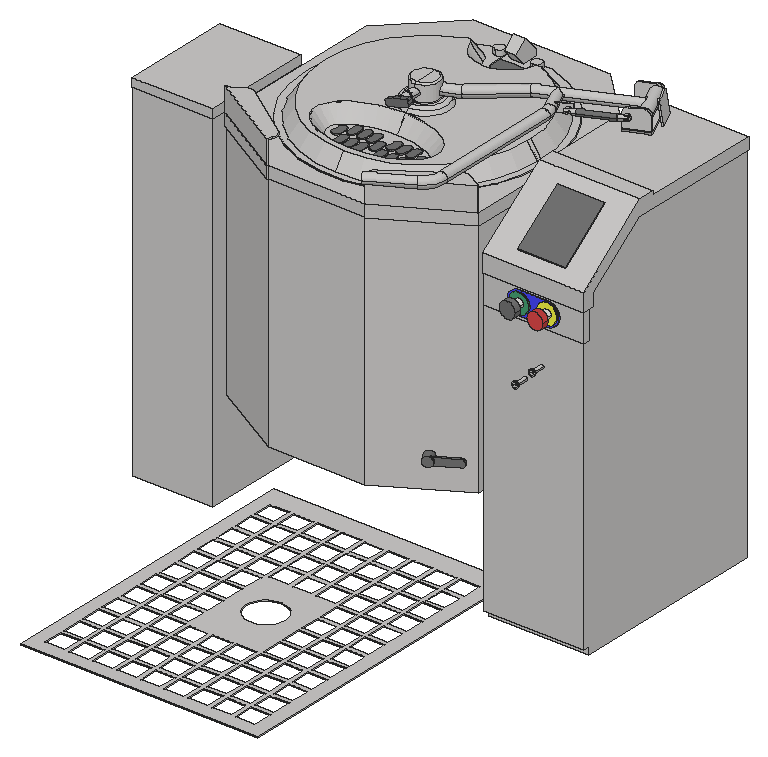
Revit family "QF_DIETATEC_CELER_60_180516035125", category Specialty Equipment, Revit 2015
Parameters
  Width [instance] = 1154 mm
  Weight in Pounds [instance] = 341.713
  Volts [instance] = 400 V
  URL Cutsheet [instance] = ""
  URL = "www.dietatec.com"
  Status [instance] = ""
  Specification by User [instance] = ""
  Specification by Manufacturer [instance] = ""
  Serial Number [instance] = "CELER_60"
  Seismic Rating [instance] = ""
  SMACNA No [instance] = ""
  Revision Code [instance] = ""
  Phase [instance] = 0
  Number of Poles [instance] = 3
  NAFEM Spec ID Number [instance] = ""
  Model = "57631"
  Min Ckt Ampacity [instance] = 0 A
  Max Overcurrent Protection [instance] = 0 A
  Masterspec [instance] = ""
  Manufacturer = "DIETATEC"
  ListPrice [instance] = 0
  Item Number [instance] = ""
  Installed By [instance] = ""
  Identify Quantity as Lot [instance] = yes
  Height [instance] = 1000 mm
  HP [instance] = ""
  Furnished By [instance] = ""
  Foodservice Equipment Identifier [instance] = yes
  FL Amps [instance] = 32 A
  Elec Conn RI Height [instance] = 0 mm
  Elec Conn Connection Height [instance] = 120 mm
  Description = "DIETA CELER 60 KETTLE, ELECTRIC MODEL"
  Depth [instance] = 770 mm
  Cycle [instance] = 50 Hz
  Conn Plug [instance] = ""
  Conn Conduit [instance] = yes
  CSI MasterFormat [instance] = ""
  Assembly Code = "E1090320"
  Apparent Power [instance] = 14500 VA
Reference planes
  plane 1 "Center (Front/Back)": y = 0
  plane 2: z = 0
  plane 3 "Center (Left/Right)": x = 0
Forms (mm)
  Extrusion 1, solid, not visible
    sketch origin (803.5, -97.5, 120) x (1, 0, 0) y (0, 1, 0)
      loop
        line (0, 0) -> (2, 0) -> (2, 2) -> (0, 2) -> (0, 0)
    from 0 to 2
Dimensions and locks
  aligned and locked: level to plane 2
Nested families
  nested 1: "QF_Dietatec_CELER_60_FL" at (0, 0, 0), type "57631_400_3"
    with Width 1154 mm, Status "", Specification by User "", Show Logo yes, Show Clearance yes, Revision Code "", Plumbing Remarks "", Plumbing Connection Type "", Number of Poles 3, ListPrice 0, Item Number "", Installed By "", Identify Quantity as Lot no, Height 1000 mm, Furnished By "", Foodservice Equipment Identifier yes, Electrical Remarks "", Electric Connection Type "", Elec Conn RI Height 0 mm, Elec Conn Connection Height 120 mm, Depth 770 mm, Conn Conduit no, Cold Water RI Height 120 mm, Cold Water Flow 0.0 L/s, Cold Water Consumption "", Cold Water Connection Height 120 mm
  nested 2: "QF_Dietatec_KETTLE_LEFT_LEG" at (0, 0, 0), type "KETTLE_LEFT_LEG"
    with Width 275 mm, Status "", Specification by User "", Show Logo yes, Show Clearance yes, Revision Code "", ListPrice 0, Item Number "", Installed By "", Identify Quantity as Lot no, Height 900 mm, Furnished By "", Foodservice Equipment Identifier yes, Depth 200 mm
Connectors
  electrical at (804.5, -95.5, 121), driven by "Volts"
    settings: on Extrusion 1, index 1, voltage 400 V, apparent load 14500 VA, apparent load phase1 0 VA, apparent load phase2 0 VA, apparent load phase3 0 VA, power factor 1, load classification "Other", number of poles 1, system type 30, power factor state 1, is connector primary yes, connector utility no, sub classification motor no, connector description "Electrical connection"
Definition of nested family "QF_Dietatec_CELER_60_FL"
  Parameters (values of type "57631_400_3")
    Width [instance] = 0 mm
    Weight in Pounds = 341.7161
    Watts = 14500 W
    Volts = 400 V
    URL Cutsheet = "www.dietatec.com"
    URL = "www.dietatec.com"
    Status [instance] = ""
    Specification by User [instance] = ""
    Specification by Manufacturer = ""
    Show Logo [instance] = yes
    Show Clearance [instance] = yes
    Serial Number = ""
    Seismic Rating = ""
    SMACNA No = ""
    Revision Code [instance] = ""
    Plumbing Remarks [instance] = ""
    Plumbing Connection Type [instance] = ""
    Phase = 3
    Number of Poles [instance] = 3
    NAFEM Spec ID Number = ""
    Model = "57631.000000000000"
    Min Ckt Ampacity = 0 A
    Max Overcurrent Protection = 0 A
    Masterspec = ""
    Manufacturer = "DIETATEC"
    ListPrice [instance] = 0
    Item Number [instance] = ""
    Installed By [instance] = ""
    Identify Quantity as Lot [instance] = no
    Height [instance] = 0 mm
    HP = "19.444790000000"
    Furnished By [instance] = ""
    Foodservice Equipment Identifier [instance] = yes
    FL Amps = 32 A
    Electrical Remarks [instance] = ""
    Electric Connection Type [instance] = ""
    Elec Conn RI Height [instance] = 0 mm
    Elec Conn Connection Height [instance] = 120 mm
    Description = "DIETA CELER 60 KETTLE, ELECTRIC MODEL"
    Depth [instance] = 0 mm
    Cycle = 50 Hz
    Conn Plug = ""
    Conn Conduit [instance] = no
    Cold Water Temperature Recommended = 0 °C
    Cold Water Size = 12.7 mm
    Cold Water RI Height [instance] = 120 mm
    Cold Water Minimum Pressure = 20000.0 Pa
    Cold Water Maximum Pressure = 50000.0 Pa
    Cold Water Flow [instance] = 0.0 L/s
    Cold Water Consumption [instance] = ""
    Cold Water Connection Height [instance] = 120 mm
    CSI MasterFormat = ""
    Assembly Code = "E1090320"
    Apparent Power = 14500 VA
  Reference planes
    plane 1 "Back": y = 0
    plane 2: z = 0
    plane 3 "Left": x = 0
    plane 4 "Right": x = 950.5
    plane 5 "Front": y = -769.992
    plane 6 "Top": z = 1000
  Forms (mm)
    Extrusion 1, solid
      sketch origin (1853.203, 903.185, 150) x (1, 0, 0) y (0, 1, 0)
        loop
          line (-1804.703, -1372.685) -> (-1804.703, -2172.685) -> (-1204.703, -2172.685) -> (-1204.703, -1372.685) -> (-1804.703, -1372.685)
        loop
          line (-1769.703, -1427.685) -> (-1769.703, -1477.685) -> (-1719.703, -1477.685) -> (-1719.703, -1427.685) -> (-1769.703, -1427.685)
        loop
          line (-1709.703, -1427.685) -> (-1709.703, -1477.685) -> (-1659.703, -1477.685) -> (-1659.703, -1427.685) -> (-1709.703, -1427.685)
        loop
          line (-1649.703, -1427.685) -> (-1649.703, -1477.685) -> (-1599.703, -1477.685) -> (-1599.703, -1427.685) -> (-1649.703, -1427.685)
        loop
          line (-1589.703, -1427.685) -> (-1589.703, -1477.685) -> (-1539.703, -1477.685) -> (-1539.703, -1427.685) -> (-1589.703, -1427.685)
        loop
          line (-1529.703, -1427.685) -> (-1529.703, -1477.685) -> (-1479.703, -1477.685) -> (-1479.703, -1427.685) -> (-1529.703, -1427.685)
        loop
          line (-1469.703, -1427.685) -> (-1469.703, -1477.685) -> (-1419.703, -1477.685) -> (-1419.703, -1427.685) -> (-1469.703, -1427.685)
        loop
          line (-1409.703, -1427.685) -> (-1409.703, -1477.685) -> (-1359.703, -1477.685) -> (-1359.703, -1427.685) -> (-1409.703, -1427.685)
        loop
          line (-1349.703, -1427.685) -> (-1349.703, -1477.685) -> (-1299.703, -1477.685) -> (-1299.703, -1427.685) -> (-1349.703, -1427.685)
        loop
          line (-1289.703, -1427.685) -> (-1289.703, -1477.685) -> (-1239.703, -1477.685) -> (-1239.703, -1427.685) -> (-1289.703, -1427.685)
        loop
          line (-1769.703, -1487.685) -> (-1769.703, -1537.685) -> (-1719.703, -1537.685) -> (-1719.703, -1487.685) -> (-1769.703, -1487.685)
        loop
          line (-1709.703, -1487.685) -> (-1709.703, -1537.685) -> (-1659.703, -1537.685) -> (-1659.703, -1487.685) -> (-1709.703, -1487.685)
        loop
          line (-1649.703, -1487.685) -> (-1649.703, -1537.685) -> (-1599.703, -1537.685) -> (-1599.703, -1487.685) -> (-1649.703, -1487.685)
        loop
          line (-1589.703, -1487.685) -> (-1589.703, -1537.685) -> (-1539.703, -1537.685) -> (-1539.703, -1487.685) -> (-1589.703, -1487.685)
        loop
          line (-1529.703, -1487.685) -> (-1529.703, -1537.685) -> (-1479.703, -1537.685) -> (-1479.703, -1487.685) -> (-1529.703, -1487.685)
        loop
          line (-1469.703, -1487.685) -> (-1469.703, -1537.685) -> (-1419.703, -1537.685) -> (-1419.703, -1487.685) -> (-1469.703, -1487.685)
        loop
          line (-1409.703, -1487.685) -> (-1409.703, -1537.685) -> (-1359.703, -1537.685) -> (-1359.703, -1487.685) -> (-1409.703, -1487.685)
        loop
          line (-1349.703, -1487.685) -> (-1349.703, -1537.685) -> (-1299.703, -1537.685) -> (-1299.703, -1487.685) -> (-1349.703, -1487.685)
        loop
          line (-1289.703, -1487.685) -> (-1289.703, -1537.685) -> (-1239.703, -1537.685) -> (-1239.703, -1487.685) -> (-1289.703, -1487.685)
        loop
          line (-1769.703, -1547.685) -> (-1769.703, -1597.685) -> (-1719.703, -1597.685) -> (-1719.703, -1547.685) -> (-1769.703, -1547.685)
        loop
          line (-1709.703, -1547.685) -> (-1709.703, -1597.685) -> (-1659.703, -1597.685) -> (-1659.703, -1547.685) -> (-1709.703, -1547.685)
        loop
          line (-1649.703, -1547.685) -> (-1649.703, -1597.685) -> (-1599.703, -1597.685) -> (-1599.703, -1547.685) -> (-1649.703, -1547.685)
        loop
          line (-1589.703, -1547.685) -> (-1589.703, -1597.685) -> (-1539.703, -1597.685) -> (-1539.703, -1547.685) -> (-1589.703, -1547.685)
        loop
          line (-1529.703, -1547.685) -> (-1529.703, -1597.685) -> (-1479.703, -1597.685) -> (-1479.703, -1547.685) -> (-1529.703, -1547.685)
        loop
          line (-1469.703, -1547.685) -> (-1469.703, -1597.685) -> (-1419.703, -1597.685) -> (-1419.703, -1547.685) -> (-1469.703, -1547.685)
        loop
          line (-1409.703, -1547.685) -> (-1409.703, -1597.685) -> (-1359.703, -1597.685) -> (-1359.703, -1547.685) -> (-1409.703, -1547.685)
        loop
          line (-1349.703, -1547.685) -> (-1349.703, -1597.685) -> (-1299.703, -1597.685) -> (-1299.703, -1547.685) -> (-1349.703, -1547.685)
        loop
          line (-1289.703, -1547.685) -> (-1289.703, -1597.685) -> (-1239.703, -1597.685) -> (-1239.703, -1547.685) -> (-1289.703, -1547.685)
        loop
          line (-1769.703, -1607.685) -> (-1769.703, -1657.685) -> (-1719.703, -1657.685) -> (-1719.703, -1607.685) -> (-1769.703, -1607.685)
        loop
          line (-1709.703, -1607.685) -> (-1709.703, -1657.685) -> (-1659.703, -1657.685) -> (-1659.703, -1607.685) -> (-1709.703, -1607.685)
        loop
          line (-1649.703, -1607.685) -> (-1649.703, -1657.685) -> (-1599.703, -1657.685) -> (-1599.703, -1607.685) -> (-1649.703, -1607.685)
        loop
          line (-1589.703, -1607.685) -> (-1589.703, -1657.685) -> (-1539.703, -1657.685) -> (-1539.703, -1607.685) -> (-1589.703, -1607.685)
        loop
          line (-1529.703, -1607.685) -> (-1529.703, -1657.685) -> (-1479.703, -1657.685) -> (-1479.703, -1607.685) -> (-1529.703, -1607.685)
        loop
          line (-1469.703, -1607.685) -> (-1469.703, -1657.685) -> (-1419.703, -1657.685) -> (-1419.703, -1607.685) -> (-1469.703, -1607.685)
        loop
          line (-1409.703, -1607.685) -> (-1409.703, -1657.685) -> (-1359.703, -1657.685) -> (-1359.703, -1607.685) -> (-1409.703, -1607.685)
        loop
          line (-1349.703, -1607.685) -> (-1349.703, -1657.685) -> (-1299.703, -1657.685) -> (-1299.703, -1607.685) -> (-1349.703, -1607.685)
        loop
          line (-1289.703, -1607.685) -> (-1289.703, -1657.685) -> (-1239.703, -1657.685) -> (-1239.703, -1607.685) -> (-1289.703, -1607.685)
        loop
          line (-1769.703, -1667.685) -> (-1769.703, -1717.685) -> (-1719.703, -1717.685) -> (-1719.703, -1667.685) -> (-1769.703, -1667.685)
        loop
          line (-1709.703, -1667.685) -> (-1709.703, -1717.685) -> (-1659.703, -1717.685) -> (-1659.703, -1667.685) -> (-1709.703, -1667.685)
        loop
          line (-1649.703, -1667.685) -> (-1649.703, -1717.685) -> (-1599.703, -1717.685) -> (-1599.703, -1667.685) -> (-1649.703, -1667.685)
        loop
          line (-1409.703, -1667.685) -> (-1409.703, -1717.685) -> (-1359.703, -1717.685) -> (-1359.703, -1667.685) -> (-1409.703, -1667.685)
        loop
          line (-1349.703, -1667.685) -> (-1349.703, -1717.685) -> (-1299.703, -1717.685) -> (-1299.703, -1667.685) -> (-1349.703, -1667.685)
        loop
          line (-1289.703, -1667.685) -> (-1289.703, -1717.685) -> (-1239.703, -1717.685) -> (-1239.703, -1667.685) -> (-1289.703, -1667.685)
        loop
          line (-1769.703, -1727.685) -> (-1769.703, -1777.685) -> (-1719.703, -1777.685) -> (-1719.703, -1727.685) -> (-1769.703, -1727.685)
        loop
          line (-1709.703, -1727.685) -> (-1709.703, -1777.685) -> (-1659.703, -1777.685) -> (-1659.703, -1727.685) -> (-1709.703, -1727.685)
        loop
          line (-1649.703, -1727.685) -> (-1649.703, -1777.685) -> (-1599.703, -1777.685) -> (-1599.703, -1727.685) -> (-1649.703, -1727.685)
        loop
          line (-1409.703, -1727.685) -> (-1409.703, -1777.685) -> (-1359.703, -1777.685) -> (-1359.703, -1727.685) -> (-1409.703, -1727.685)
        loop
          line (-1349.703, -1727.685) -> (-1349.703, -1777.685) -> (-1299.703, -1777.685) -> (-1299.703, -1727.685) -> (-1349.703, -1727.685)
        loop
          line (-1289.703, -1727.685) -> (-1289.703, -1777.685) -> (-1239.703, -1777.685) -> (-1239.703, -1727.685) -> (-1289.703, -1727.685)
        loop
          line (-1769.703, -1787.685) -> (-1769.703, -1837.685) -> (-1719.703, -1837.685) -> (-1719.703, -1787.685) -> (-1769.703, -1787.685)
        loop
          line (-1709.703, -1787.685) -> (-1709.703, -1837.685) -> (-1659.703, -1837.685) -> (-1659.703, -1787.685) -> (-1709.703, -1787.685)
        loop
          line (-1649.703, -1787.685) -> (-1649.703, -1837.685) -> (-1599.703, -1837.685) -> (-1599.703, -1787.685) -> (-1649.703, -1787.685)
        loop
          line (-1409.703, -1787.685) -> (-1409.703, -1837.685) -> (-1359.703, -1837.685) -> (-1359.703, -1787.685) -> (-1409.703, -1787.685)
        loop
          line (-1349.703, -1787.685) -> (-1349.703, -1837.685) -> (-1299.703, -1837.685) -> (-1299.703, -1787.685) -> (-1349.703, -1787.685)
        loop
          line (-1289.703, -1787.685) -> (-1289.703, -1837.685) -> (-1239.703, -1837.685) -> (-1239.703, -1787.685) -> (-1289.703, -1787.685)
        loop
          line (-1769.703, -1847.685) -> (-1769.703, -1897.685) -> (-1719.703, -1897.685) -> (-1719.703, -1847.685) -> (-1769.703, -1847.685)
        loop
          line (-1709.703, -1847.685) -> (-1709.703, -1897.685) -> (-1659.703, -1897.685) -> (-1659.703, -1847.685) -> (-1709.703, -1847.685)
        loop
          line (-1649.703, -1847.685) -> (-1649.703, -1897.685) -> (-1599.703, -1897.685) -> (-1599.703, -1847.685) -> (-1649.703, -1847.685)
        loop
          line (-1409.703, -1847.685) -> (-1409.703, -1897.685) -> (-1359.703, -1897.685) -> (-1359.703, -1847.685) -> (-1409.703, -1847.685)
        loop
          line (-1349.703, -1847.685) -> (-1349.703, -1897.685) -> (-1299.703, -1897.685) -> (-1299.703, -1847.685) -> (-1349.703, -1847.685)
        loop
          line (-1289.703, -1847.685) -> (-1289.703, -1897.685) -> (-1239.703, -1897.685) -> (-1239.703, -1847.685) -> (-1289.703, -1847.685)
        loop
          line (-1769.703, -1907.685) -> (-1769.703, -1957.685) -> (-1719.703, -1957.685) -> (-1719.703, -1907.685) -> (-1769.703, -1907.685)
        loop
          line (-1709.703, -1907.685) -> (-1709.703, -1957.685) -> (-1659.703, -1957.685) -> (-1659.703, -1907.685) -> (-1709.703, -1907.685)
        loop
          line (-1649.703, -1907.685) -> (-1649.703, -1957.685) -> (-1599.703, -1957.685) -> (-1599.703, -1907.685) -> (-1649.703, -1907.685)
        loop
          line (-1589.703, -1907.685) -> (-1589.703, -1957.685) -> (-1539.703, -1957.685) -> (-1539.703, -1907.685) -> (-1589.703, -1907.685)
        loop
          line (-1529.703, -1907.685) -> (-1529.703, -1957.685) -> (-1479.703, -1957.685) -> (-1479.703, -1907.685) -> (-1529.703, -1907.685)
        loop
          line (-1469.703, -1907.685) -> (-1469.703, -1957.685) -> (-1419.703, -1957.685) -> (-1419.703, -1907.685) -> (-1469.703, -1907.685)
        loop
          line (-1409.703, -1907.685) -> (-1409.703, -1957.685) -> (-1359.703, -1957.685) -> (-1359.703, -1907.685) -> (-1409.703, -1907.685)
        loop
          line (-1349.703, -1907.685) -> (-1349.703, -1957.685) -> (-1299.703, -1957.685) -> (-1299.703, -1907.685) -> (-1349.703, -1907.685)
        loop
          line (-1289.703, -1907.685) -> (-1289.703, -1957.685) -> (-1239.703, -1957.685) -> (-1239.703, -1907.685) -> (-1289.703, -1907.685)
        loop
          line (-1769.703, -1967.685) -> (-1769.703, -2017.685) -> (-1719.703, -2017.685) -> (-1719.703, -1967.685) -> (-1769.703, -1967.685)
        loop
          line (-1709.703, -1967.685) -> (-1709.703, -2017.685) -> (-1659.703, -2017.685) -> (-1659.703, -1967.685) -> (-1709.703, -1967.685)
        loop
          line (-1649.703, -1967.685) -> (-1649.703, -2017.685) -> (-1599.703, -2017.685) -> (-1599.703, -1967.685) -> (-1649.703, -1967.685)
        loop
          line (-1589.703, -1967.685) -> (-1589.703, -2017.685) -> (-1539.703, -2017.685) -> (-1539.703, -1967.685) -> (-1589.703, -1967.685)
        loop
          line (-1529.703, -1967.685) -> (-1529.703, -2017.685) -> (-1479.703, -2017.685) -> (-1479.703, -1967.685) -> (-1529.703, -1967.685)
        loop
          line (-1469.703, -1967.685) -> (-1469.703, -2017.685) -> (-1419.703, -2017.685) -> (-1419.703, -1967.685) -> (-1469.703, -1967.685)
        loop
          line (-1409.703, -1967.685) -> (-1409.703, -2017.685) -> (-1359.703, -2017.685) -> (-1359.703, -1967.685) -> (-1409.703, -1967.685)
        loop
          line (-1349.703, -1967.685) -> (-1349.703, -2017.685) -> (-1299.703, -2017.685) -> (-1299.703, -1967.685) -> (-1349.703, -1967.685)
        loop
          line (-1289.703, -1967.685) -> (-1289.703, -2017.685) -> (-1239.703, -2017.685) -> (-1239.703, -1967.685) -> (-1289.703, -1967.685)
        loop
          line (-1769.703, -2027.685) -> (-1769.703, -2077.685) -> (-1719.703, -2077.685) -> (-1719.703, -2027.685) -> (-1769.703, -2027.685)
        loop
          line (-1709.703, -2027.685) -> (-1709.703, -2077.685) -> (-1659.703, -2077.685) -> (-1659.703, -2027.685) -> (-1709.703, -2027.685)
        loop
          line (-1649.703, -2027.685) -> (-1649.703, -2077.685) -> (-1599.703, -2077.685) -> (-1599.703, -2027.685) -> (-1649.703, -2027.685)
        loop
          line (-1589.703, -2027.685) -> (-1589.703, -2077.685) -> (-1539.703, -2077.685) -> (-1539.703, -2027.685) -> (-1589.703, -2027.685)
        loop
          line (-1529.703, -2027.685) -> (-1529.703, -2077.685) -> (-1479.703, -2077.685) -> (-1479.703, -2027.685) -> (-1529.703, -2027.685)
        loop
          line (-1469.703, -2027.685) -> (-1469.703, -2077.685) -> (-1419.703, -2077.685) -> (-1419.703, -2027.685) -> (-1469.703, -2027.685)
        loop
          line (-1409.703, -2027.685) -> (-1409.703, -2077.685) -> (-1359.703, -2077.685) -> (-1359.703, -2027.685) -> (-1409.703, -2027.685)
        loop
          line (-1349.703, -2027.685) -> (-1349.703, -2077.685) -> (-1299.703, -2077.685) -> (-1299.703, -2027.685) -> (-1349.703, -2027.685)
        loop
          line (-1289.703, -2027.685) -> (-1289.703, -2077.685) -> (-1239.703, -2077.685) -> (-1239.703, -2027.685) -> (-1289.703, -2027.685)
        loop
          line (-1769.703, -2087.685) -> (-1769.703, -2137.685) -> (-1719.703, -2137.685) -> (-1719.703, -2087.685) -> (-1769.703, -2087.685)
        loop
          line (-1709.703, -2087.685) -> (-1709.703, -2137.685) -> (-1659.703, -2137.685) -> (-1659.703, -2087.685) -> (-1709.703, -2087.685)
        loop
          line (-1649.703, -2087.685) -> (-1649.703, -2137.685) -> (-1599.703, -2137.685) -> (-1599.703, -2087.685) -> (-1649.703, -2087.685)
        loop
          line (-1589.703, -2087.685) -> (-1589.703, -2137.685) -> (-1539.703, -2137.685) -> (-1539.703, -2087.685) -> (-1589.703, -2087.685)
        loop
          line (-1529.703, -2087.685) -> (-1529.703, -2137.685) -> (-1479.703, -2137.685) -> (-1479.703, -2087.685) -> (-1529.703, -2087.685)
        loop
          line (-1469.703, -2087.685) -> (-1469.703, -2137.685) -> (-1419.703, -2137.685) -> (-1419.703, -2087.685) -> (-1469.703, -2087.685)
        loop
          line (-1409.703, -2087.685) -> (-1409.703, -2137.685) -> (-1359.703, -2137.685) -> (-1359.703, -2087.685) -> (-1409.703, -2087.685)
        loop
          line (-1349.703, -2087.685) -> (-1349.703, -2137.685) -> (-1299.703, -2137.685) -> (-1299.703, -2087.685) -> (-1349.703, -2087.685)
        loop
          line (-1289.703, -2087.685) -> (-1289.703, -2137.685) -> (-1239.703, -2137.685) -> (-1239.703, -2087.685) -> (-1289.703, -2087.685)
        loop
          circle (-1504.703, -1772.685) r 50
      from -150 to -148
    Extrusion 2, solid
      sketch origin (-203, -1000, 0) x (0, 1, 0) y (0, 0, 1)
        loop
          line (899, 0) -> (899, 921.5) -> (555.633, 921.5) -> (410.5, 812.65) -> (410.5, 782.65) -> (397.5, 782.65) -> (397.5, 710.15) -> (382, 710.15) -> (382, 19) -> (397.5, 19) -> (397.5, 0) -> (899, 0)
      from 901 to 1152
    Extrusion 3, solid
      sketch origin (-203, 0, 0) x (0, 1, 0) y (0, 0, 1)
        loop
          line (-602.5, 782.65) -> (-618, 782.65) -> (-618, 710.15) -> (-602.5, 710.15) -> (-602.5, 782.65)
      from 901 to 1152
    Extrusion 4, solid
      sketch origin (48.5, -732.029, 6.15) x (1, 0, 0) y (0, 0, 1)
        loop
          circle (740, 741) r 10
      from -112.029 to -90
    Extrusion 5, solid
      sketch origin (48.5, -792.029, 6.15) x (1, 0, 0) y (0, 0, 1)
        loop
          circle (740, 741) r 20
      from -150 to -135
    Extrusion 6, solid
      sketch origin (48.5, -768, 6.15) x (1, 0, 0) y (0, 0, 1)
        loop
          circle (740, 741) r 25
      from -150 to -148
    Extrusion 7, solid
      sketch origin (118.5, -732.029, 6.15) x (1, 0, 0) y (0, 0, 1)
        loop
          circle (740, 741) r 10
      from -112.029 to -90
    Extrusion 8, solid
      sketch origin (118.5, -792.029, 6.15) x (1, 0, 0) y (0, 0, 1)
        loop
          circle (740, 741) r 20
      from -150 to -135
    Extrusion 9, solid
      sketch origin (118.5, -768, 6.15) x (1, 0, 0) y (0, 0, 1)
        loop
          circle (740, 741) r 25
      from -150 to -148
    Extrusion 10, solid
      sketch origin (130.5, -767, -53.35) x (1, 0, 0) y (0, 0, 1)
        loop
          arc (658, 830.5) -> (628, 800.5) -> (658, 770.5) r 30
          line (658, 770.5) -> (728, 770.5)
          arc (728, 770.5) -> (758, 800.5) -> (728, 830.5) r 30
          line (728, 830.5) -> (658, 830.5)
      from -150 to -148
    Extrusion 11, solid
      sketch origin (-203, 0, 0) x (0, 1, 0) y (0, 0, 1)
        loop
          line (-468.4, 941.6) -> (-593.2, 848) -> (-592, 846.4) -> (-467.2, 940) -> (-468.4, 941.6)
      from 966.5 to 1086.5
    Revolve 12, solid
      sketch origin (-203, 0, 580) x (1, 0, 0) y (0, 1, 0)
        loop
          line (1009.5, -618.013) -> (1005.5, -618.013) -> (1005.5, -651) -> (1012.485, -651)
          arc (1012.485, -651) -> (1012.849, -650.849) -> (1013, -650.485) r 0.515
          line (1013, -650.485) -> (1013, -648.5) -> (1009.5, -648.5) -> (1009.5, -618.013)
        axis (1005.5, -651) -> (1005.5, -618.013)
      angle from 0 to 360
    Revolve 13, solid
      sketch origin (-161, 0, 622) x (1, 0, 0) y (0, 1, 0)
        loop
          line (1009.5, -618.003) -> (1005.5, -618.003) -> (1005.5, -651) -> (1012.485, -651)
          arc (1012.485, -651) -> (1012.849, -650.849) -> (1013, -650.485) r 0.515
          line (1013, -650.485) -> (1013, -648.5) -> (1009.5, -648.5) -> (1009.5, -618.003)
        axis (1005.5, -651) -> (1005.5, -618.003)
      angle from 0 to 360
    Revolve 14, solid
      sketch origin (-203, -476, 0) x (1, 0, 0) y (0, 0, 1)
        loop
          line (204.5, 825) -> (201.5, 825) -> (201.5, 775) -> (233, 775) -> (233, 837.5) -> (232.15, 837.5) -> (232.15, 824.35)
          arc (232.15, 824.35) -> (230.796, 821.35) -> (227.65, 820.381) r 4
          line (227.65, 820.381) -> (227.65, 819.45) -> (213, 819.45) -> (213, 818.5) -> (204.5, 818.5) -> (204.5, 825)
        axis (233, 775) -> (201.5, 775)
      angle from 0 to 360
    Revolve 15, solid
      sketch origin (900, -476, 0) x (-1, 0, 0) y (0, 0, -1)
        loop
          line (204.5, -825) -> (204.5, -818.5) -> (213, -818.5) -> (213, -819.45) -> (227.65, -819.45) -> (227.65, -820.381)
          arc (227.65, -820.381) -> (230.796, -821.35) -> (232.15, -824.35) r 4
          line (232.15, -824.35) -> (232.15, -837.5) -> (233, -837.5) -> (233, -775) -> (201.5, -775) -> (201.5, -825) -> (204.5, -825)
        axis (233, -775) -> (201.5, -775)
      angle from 0 to 360
    Extrusion 16, solid
      sketch origin (-203, 0, 0) x (1, 0, 0) y (0, 1, 0)
        loop
          line (722.48, -3.3) -> (380.52, -3.3) -> (233.3, -150.52) -> (233.3, -596.343) -> (430.16, -710) -> (672.84, -710) -> (869.7, -596.343) -> (869.7, -150.52) -> (722.48, -3.3)
      from 263.772 to 870
    Extrusion 17, solid
      sketch origin (-203, 0, 27) x (1, 0, 0) y (0, 1, 0)
        loop
          line (430.16, -710) -> (672.84, -710) -> (674, -709.33) -> (675.65, -712.188) -> (873, -598.248) -> (873, -149.153) -> (723.847, 0) -> (379.153, 0) -> (230, -149.153) -> (230, -598.248) -> (427.35, -712.188) -> (429, -709.33) -> (430.16, -710)
      from 843 to 873
    Extrusion 18, solid
      sketch origin (-203, 0, 1020) x (1, 0, 0) y (0, 1, 0)
        loop
          line (674, -709.33) -> (675.65, -712.188) -> (870.593, -599.638) -> (868.943, -596.78) -> (674, -709.33)
        loop
          line (429, -709.33) -> (234.057, -596.78) -> (232.407, -599.638) -> (427.35, -712.188) -> (429, -709.33)
      from -120 to -59.435
    Extrusion 19, solid
      sketch origin (-203, 0, 1040) x (1, 0, 0) y (0, 1, 0)
        loop
          line (241.167, -594.601) -> (234.057, -596.78) -> (232.407, -599.638) -> (427.35, -712.188) -> (433.173, -702.102)
          arc (433.173, -702.102) -> (435.379, -687.773) -> (427.324, -675.719) r 20
          line (427.324, -675.719) -> (290.139, -579.661)
          arc (290.139, -579.661) -> (279.54, -576.063) -> (268.668, -578.723) r 20
          line (268.668, -578.723) -> (241.167, -594.601)
        loop
          line (861.833, -594.601) -> (834.332, -578.723)
          arc (834.332, -578.723) -> (823.46, -576.063) -> (812.861, -579.661) r 20
          line (812.861, -579.661) -> (675.676, -675.719)
          arc (675.676, -675.719) -> (667.621, -687.773) -> (669.827, -702.102) r 20
          line (669.827, -702.102) -> (675.65, -712.188) -> (870.593, -599.638) -> (868.943, -596.78) -> (861.833, -594.601)
      from -81.15 to -78.15
    Revolve 20, solid
      sketch origin (348.5, 0, 0) x (0, 1, 0) y (0, 0, 1)
        loop
          line (-366, 995.5) -> (-366, 937.455) -> (-307.025, 937.455) -> (-312.103, 946.25)
          arc (-312.103, 946.25) -> (-315.946, 950.093) -> (-321.196, 951.5) r 10.5
          line (-321.196, 951.5) -> (-331, 951.5) -> (-331, 953.5) -> (-332.5, 953.5) -> (-332.5, 992) -> (-336, 995.5) -> (-366, 995.5)
        axis (-366, 937.455) -> (-366, 995.5)
      angle from 0 to 360
    Extrusion 21, solid
      sketch origin (-203, 0, 879.5) x (1, 0, 0) y (0, 1, 0)
        loop
          arc (471.1, -61.974) -> (312.628, -169.506) -> (251.5, -351) r 300
          line (251.5, -351) -> (251.5, -366)
          arc (251.5, -366) -> (551.5, -666) -> (851.5, -366) r 300
          line (851.5, -366) -> (851.5, -351)
          arc (851.5, -351) -> (790.372, -169.506) -> (631.9, -61.974) r 300
          arc (631.9, -61.974) -> (625.262, -60.605) -> (618.5, -60.145) r 50
          line (618.5, -60.145) -> (599, -60.145)
          arc (599, -60.145) -> (590.161, -63.806) -> (586.5, -72.645) r 12.5
          arc (586.5, -72.645) -> (585.938, -92.703) -> (584.308, -112.702) r 376.25
          arc (584.308, -112.702) -> (551.5, -142.145) -> (518.692, -112.702) r 33
          arc (518.692, -112.702) -> (517.061, -92.687) -> (516.5, -72.613) r 376.25
          arc (516.5, -72.613) -> (512.828, -63.795) -> (504, -60.145) r 12.5
          line (504, -60.145) -> (484.5, -60.145)
          arc (484.5, -60.145) -> (477.738, -60.605) -> (471.1, -61.974) r 50
      from 20 to 22
    Blend 22, solid
      base sketch origin (-203, 0, 0) x (1, 0, 0) y (0, 1, 0)
        loop
          arc (445.186, -92.991) -> (316.303, -197.386) -> (267.817, -356) r 283.683
          line (267.817, -356) -> (267.817, -366)
          arc (267.817, -366) -> (350.906, -566.594) -> (551.5, -649.683) r 283.683
          line (551.5, -649.683) -> (551.5, -579.34)
          spline (551.5, -579.34) -> (518.804, -577.25) -> (488.336, -571.122) -> (462.172, -561.374) -> (442.096, -548.67) -> (429.476, -533.876) -> (425.171, -518) -> (429.476, -502.124) -> (442.096, -487.33) -> (462.172, -474.626) -> (488.336, -464.878) -> (518.804, -458.75) -> (551.5, -456.66)
          line (551.5, -456.66) -> (551.5, -157.317)
          arc (551.5, -157.317) -> (519.464, -146.743) -> (500.017, -119.177) r 53.817
          arc (500.017, -119.177) -> (478.368, -94.01) -> (445.186, -92.991) r 41.183
      top sketch origin (-203, 0, 0) x (1, 0, 0) y (0, 1, 0)
        loop
          arc (455.212, -117.796) -> (338.484, -212.345) -> (294.571, -356) r 256.929
          line (294.571, -356) -> (294.571, -366)
          arc (294.571, -366) -> (369.824, -547.676) -> (551.5, -622.929) r 256.929
          line (551.5, -622.929) -> (551.5, -608)
          spline (551.5, -608) -> (511.332, -604.933) -> (473.902, -595.942) -> (441.759, -581.64) -> (417.096, -563) -> (401.592, -541.294) -> (396.303, -518) -> (401.592, -494.706) -> (417.096, -473) -> (441.759, -454.36) -> (473.902, -440.058) -> (511.332, -431.067) -> (551.5, -428)
          line (551.5, -428) -> (551.5, -184.071)
          arc (551.5, -184.071) -> (503.538, -168.24) -> (474.423, -126.97) r 80.571
          arc (474.423, -126.97) -> (466.838, -118.153) -> (455.212, -117.796) r 14.429
      from 901.5 to 937.63
    Extrusion 23, solid
      sketch origin (-203, 0, 0) x (0, 1, 0) y (0, 0, 1)
        loop
          line (-37.248, 900) -> (-37.248, 917.876) -> (-67.284, 953.672) -> (-97.926, 927.96) -> (-74.464, 900) -> (-37.248, 900)
      from 536.5 to 566.5
    Extrusion 24, solid
      sketch origin (-203, -420, 0) x (1, 0, 0) y (0, 0, 1)
        loop
          arc (524.133, 972.678) -> (522.051, 970.677) -> (521.857, 967.795) r 4.004
          line (521.857, 967.795) -> (523.853, 961.376)
          arc (523.853, 961.376) -> (525.646, 959.116) -> (528.494, 958.65) r 4
          line (528.494, 958.65) -> (545.58, 962.233) -> (562.767, 967.58) -> (578.87, 974.324)
          arc (578.87, 974.324) -> (580.95, 976.323) -> (581.145, 979.201) r 4
          line (581.145, 979.201) -> (579.147, 985.624)
          arc (579.147, 985.624) -> (577.354, 987.884) -> (574.506, 988.35) r 4
          line (574.506, 988.35) -> (557.42, 984.767) -> (540.233, 979.42) -> (524.133, 972.678)
      from 23.355 to 35.355
    Revolve 25, solid
      sketch origin (-203, 0, 973.5) x (1, 0, 0) y (0, 1, 0)
        loop
          line (541.5, -394.5) -> (541.5, -418.855) -> (542.908, -418.855) -> (542.908, -421.355) -> (547, -421.355) -> (547, -423.355) -> (542.5, -423.355) -> (542.5, -443.355) -> (551.5, -443.355) -> (551.5, -394.5) -> (541.5, -394.5)
        axis (551.5, -443.355) -> (551.5, -394.5)
      angle from 0 to 360
    Sweep 26, solid
      path origin (-203, 0, 991.467) x (1, 0, 0) y (0, 1, 0)
        loop
          line (713.848, -769.992) -> (810.092, -714.426)
          arc (810.092, -714.426) -> (832.969, -691.549) -> (841.342, -660.299) r 62.5
          line (841.342, -660.299) -> (841.342, -336.028)
          arc (841.342, -336.028) -> (839.861, -322.501) -> (835.486, -309.615) r 62.5
          line (835.486, -309.615) -> (806.642, -247.757)
      profile origin (638.342, -498.164, 991.467) x (-1, 0, 0) y (0, 0, 1)
        loop
          circle (12.5, 0) r 12.5
    Sweep 27, solid
      path origin (-142.68, -595.041, 0) x (0.906308, 0.422618, 0) y (0, 0, 1)
        loop
          line (564.254, 957.5) -> (619.254, 957.5) -> (759.731, 979) -> (989.731, 979)
      profile origin (393.631, -344.955, 957.5) x (0, 0, 1) y (0.422618, -0.906308, 0)
        loop
          circle (12.5, 0) r 12.5
    Extrusion 28, solid
      sketch origin (386.171, -935.322, 39.076) x (0.866025, 0.5, 0) y (0, 0, 1)
        loop
          circle (315, 303) r 12
      from -150 to -125
    Extrusion 29, solid
      sketch origin (395.171, -950.91, 39.076) x (0.866025, 0.5, 0) y (0, 0, 1)
        loop
          line (321.633, 293) -> (381, 293)
          arc (381, 293) -> (391, 303) -> (381, 313) r 10
          line (381, 313) -> (321.633, 313)
          arc (321.633, 313) -> (327, 303) -> (321.633, 293) r 12
      from -150 to -145
    Extrusion 30, solid
      sketch origin (-203, 0, 950) x (1, 0, 0) y (0, 1, 0)
        loop
          line (858.004, -281.002) -> (817.22, -300.02) -> (818.488, -302.739) -> (859.272, -283.721) -> (858.004, -281.002)
      from 30 to 53
    Revolve 31, solid
      sketch origin (-203, 0, 991.5) x (1, 0, 0) y (0, 1, 0)
        loop
          line (870.848, -285.378) -> (847.634, -296.204)
          arc (847.634, -296.204) -> (847.606, -298.584) -> (848.28, -300.868) r 8
          line (848.28, -300.868) -> (872.75, -289.457) -> (870.848, -285.378)
        loop
          line (944.709, -250.937) -> (946.611, -255.015) -> (971.081, -243.604)
          arc (971.081, -243.604) -> (969.765, -241.62) -> (967.924, -240.112) r 8
          line (967.924, -240.112) -> (944.709, -250.937)
        axis (848.28, -300.868) -> (971.081, -243.604)
      angle from 0 to 360
    Revolve 32, solid
      sketch origin (-203, 0, 991.5) x (1, 0, 0) y (0, 1, 0)
        loop
          line (872.524, -289.563) -> (946.841, -254.908) -> (943.671, -248.111) -> (869.354, -282.765) -> (872.524, -289.563)
        axis (872.524, -289.563) -> (946.841, -254.908)
      angle from 0 to 360
    Revolve 33, solid
      sketch origin (-203, 0, 991.83) x (1, 0, 0) y (0, 1, 0)
        loop
          line (856.34, -305.494) -> (858.742, -304.375) -> (845.326, -275.604) -> (843.514, -276.449) -> (843.03, -277.778) -> (848.207, -288.881) -> (846.394, -289.726) -> (847.602, -292.316)
          arc (847.602, -292.316) -> (848.524, -291.928) -> (849.43, -291.504) r 25
          line (849.43, -291.504) -> (851.438, -294.982) -> (856.34, -305.494)
        axis (845.326, -275.604) -> (858.742, -304.375)
      angle from 0 to 360
    Revolve 34, solid
      sketch origin (1082.87, 599.611, 991.83) x (-0.642788, -0.766044, 0) y (0.766044, -0.642788, 0)
        loop
          line (856.34, 305.494) -> (851.438, 294.982) -> (849.43, 291.504)
          arc (849.43, 291.504) -> (848.524, 291.928) -> (847.602, 292.316) r 25
          line (847.602, 292.316) -> (846.394, 289.726) -> (848.207, 288.881) -> (843.03, 277.778) -> (843.514, 276.449) -> (845.326, 275.604) -> (858.742, 304.375) -> (856.34, 305.494)
        axis (845.326, 275.604) -> (858.742, 304.375)
      angle from 0 to 360
    Extrusion 35, solid
      sketch origin (-723.621, -648.922, 0) x (0.906308, 0.422618, 0) y (0, 0, 1)
        loop
          arc (1518.24, 1010.5) -> (1507.633, 1006.107) -> (1503.24, 995.5) r 15
          line (1503.24, 995.5) -> (1503.24, 961.15) -> (1563.24, 961.15) -> (1563.24, 995.5)
          arc (1563.24, 995.5) -> (1558.846, 1006.107) -> (1548.24, 1010.5) r 15
          line (1548.24, 1010.5) -> (1518.24, 1010.5)
      from 141.433 to 145.433
    Extrusion 36, solid
      sketch origin (-678.612, -745.444, 0) x (0.906308, 0.422618, 0) y (0, 0, 1)
        loop
          arc (1518.24, 1010.5) -> (1507.633, 1006.107) -> (1503.24, 995.5) r 15
          line (1503.24, 995.5) -> (1503.24, 961.15) -> (1563.24, 961.15) -> (1563.24, 995.5)
          arc (1563.24, 995.5) -> (1558.846, 1006.107) -> (1548.24, 1010.5) r 15
          line (1548.24, 1010.5) -> (1518.24, 1010.5)
      from 141.433 to 145.433
    Extrusion 37, solid
      sketch origin (-133.615, -590.593, 0) x (0.906308, 0.422618, 0) y (0, 0, 1)
        loop
          circle (988.861, 991.5) r 15
      from -51.05 to 51.45
    Extrusion 38, solid
      sketch origin (-203, 0, 898.3) x (1, 0, 0) y (0, 1, 0)
        loop
          arc (586.069, -90.158) -> (551.5, -88) -> (516.931, -90.158) r 278
          arc (516.931, -90.158) -> (517.642, -101.443) -> (518.692, -112.702) r 376.25
          arc (518.692, -112.702) -> (551.5, -142.145) -> (584.308, -112.702) r 33
          arc (584.308, -112.702) -> (585.358, -101.443) -> (586.069, -90.158) r 376.25
      from 0 to 2
    Extrusion 39, solid
      sketch origin (251.619, 1234.156, 0) x (0.422618, -0.906308, 0) y (0, 0, 1)
        loop
          line (1435.928, 961.15) -> (1435.928, 959.475)
          arc (1435.928, 959.475) -> (1438.263, 953.836) -> (1443.902, 951.5) r 7.975
          line (1443.902, 951.5) -> (1538.453, 951.5)
          arc (1538.453, 951.5) -> (1544.092, 953.836) -> (1546.428, 959.475) r 7.975
          line (1546.428, 959.475) -> (1546.428, 961.15) -> (1542.428, 961.15) -> (1542.428, 959.475)
          arc (1542.428, 959.475) -> (1541.263, 956.664) -> (1538.453, 955.5) r 3.975
          line (1538.453, 955.5) -> (1443.902, 955.5)
          arc (1443.902, 955.5) -> (1441.092, 956.664) -> (1439.928, 959.475) r 3.975
          line (1439.928, 959.475) -> (1439.928, 961.15) -> (1435.928, 961.15)
      from 116.451 to 176.451
    Extrusion 40, solid
      sketch origin (506.129, 845.214, 13.851) x (0.421008, -0.907057, 0) y (-0.153433, -0.071216, 0.985589)
        loop
          line (1006.415, 961.15) -> (1056.415, 961.15) -> (1056.415, 1013.467)
          arc (1056.415, 1013.467) -> (1054.95, 1017.002) -> (1051.415, 1018.467) r 5
          arc (1051.415, 1018.467) -> (1031.415, 1014.603) -> (1011.415, 1018.467) r 53.69
          arc (1011.415, 1018.467) -> (1007.879, 1017.002) -> (1006.415, 1013.467) r 5
          line (1006.415, 1013.467) -> (1006.415, 961.15)
      from 0 to 4
    Extrusion 41, solid, visible <- "Show Clearance", detail levels coarse
      sketch origin (167, 44, 0) x (1, 0, 0) y (0, 1, 0)
        loop
          line (-370, -44) -> (783.5, -44) -> (783.5, 236.46) -> (-370, 236.46) -> (-370, -44)
      from 0 to 1013
    Extrusion 42, solid
      sketch origin (-56.5, -247.5, -68) x (1, 0, 0) y (0, 0, 1)
        loop
          circle (930, 278) r 15
      from -150 to -146.5
    Extrusion 43, solid
      sketch origin (-56.5, -247.5, -158) x (1, 0, 0) y (0, 0, 1)
        loop
          circle (930, 278) r 15
      from -150 to -146.5
    Extrusion 44, solid
      sketch origin (-126.5, -247.5, -158) x (1, 0, 0) y (0, 0, 1)
        loop
          circle (930, 278) r 15
      from -150 to -146.5
    Extrusion 45, solid
      sketch origin (-56.5, -247.5, -113) x (1, 0, 0) y (0, 0, 1)
        loop
          circle (930, 278) r 15
      from -150 to -146.5
    Extrusion 46, solid, visible <- "Show Clearance", detail levels coarse
      sketch origin (-1701.691, -1163.635, 0) x (0.906308, 0.422618, 0) y (0, 0, 1)
        loop
          arc (2655.064, 1697.495) -> (2117.759, 1474.936) -> (1895.2, 937.63) r 759.865
          line (1895.2, 937.63) -> (2655.064, 937.63) -> (2655.064, 1697.495)
      from -156.455 to 443.545
    Blend 47, solid
      base sketch origin (900, 0, 0) x (-1, 0, 0) y (0, -1, 0)
        loop
          arc (445.186, 92.991) -> (478.368, 94.01) -> (500.017, 119.177) r 41.183
          arc (500.017, 119.177) -> (519.464, 146.743) -> (551.5, 157.317) r 53.817
          line (551.5, 157.317) -> (551.5, 456.66)
          spline (551.5, 456.66) -> (518.804, 458.75) -> (488.336, 464.878) -> (462.172, 474.626) -> (442.096, 487.33) -> (429.476, 502.124) -> (425.171, 518) -> (429.476, 533.876) -> (442.096, 548.67) -> (462.172, 561.374) -> (488.336, 571.122) -> (518.804, 577.25) -> (551.5, 579.34)
          line (551.5, 579.34) -> (551.5, 649.683)
          arc (551.5, 649.683) -> (350.906, 566.594) -> (267.817, 366) r 283.683
          line (267.817, 366) -> (267.817, 356)
          arc (267.817, 356) -> (316.303, 197.386) -> (445.186, 92.991) r 283.683
      top sketch origin (900, 0, 0) x (-1, 0, 0) y (0, -1, 0)
        loop
          arc (455.212, 117.796) -> (466.838, 118.153) -> (474.423, 126.97) r 14.429
          arc (474.423, 126.97) -> (503.538, 168.24) -> (551.5, 184.071) r 80.571
          line (551.5, 184.071) -> (551.5, 428)
          spline (551.5, 428) -> (511.332, 431.067) -> (473.902, 440.058) -> (441.759, 454.36) -> (417.096, 473) -> (401.592, 494.706) -> (396.303, 518) -> (401.592, 541.294) -> (417.096, 563) -> (441.759, 581.64) -> (473.902, 595.942) -> (511.332, 604.933) -> (551.5, 608)
          line (551.5, 608) -> (551.5, 622.929)
          arc (551.5, 622.929) -> (369.824, 547.676) -> (294.571, 366) r 256.929
          line (294.571, 366) -> (294.571, 356)
          arc (294.571, 356) -> (338.484, 212.345) -> (455.212, 117.796) r 256.929
      from 901.5 to 937.63
    Extrusion 48, solid
      sketch origin (-203, 0, 900) x (1, 0, 0) y (0, 1, 0)
        loop
          line (441.5, -503) -> (441.5, -523)
          arc (441.5, -523) -> (451.5, -533) -> (461.5, -523) r 10
          line (461.5, -523) -> (461.5, -503)
          arc (461.5, -503) -> (451.5, -493) -> (441.5, -503) r 10
        loop
          arc (466.5, -505.5) -> (476.5, -515.5) -> (486.5, -505.5) r 10
          line (486.5, -505.5) -> (486.5, -485.5)
          arc (486.5, -485.5) -> (476.5, -475.5) -> (466.5, -485.5) r 10
          line (466.5, -485.5) -> (466.5, -505.5)
        loop
          arc (486.5, -530.5) -> (476.5, -520.5) -> (466.5, -530.5) r 10
          line (466.5, -530.5) -> (466.5, -550.5)
          arc (466.5, -550.5) -> (476.5, -560.5) -> (486.5, -550.5) r 10
          line (486.5, -550.5) -> (486.5, -530.5)
        loop
          arc (491.5, -505.5) -> (501.5, -515.5) -> (511.5, -505.5) r 10
          line (511.5, -505.5) -> (511.5, -485.5)
          arc (511.5, -485.5) -> (501.5, -475.5) -> (491.5, -485.5) r 10
          line (491.5, -485.5) -> (491.5, -505.5)
        loop
          line (511.5, -550.5) -> (511.5, -530.5)
          arc (511.5, -530.5) -> (501.5, -520.5) -> (491.5, -530.5) r 10
          line (491.5, -530.5) -> (491.5, -550.5)
          arc (491.5, -550.5) -> (501.5, -560.5) -> (511.5, -550.5) r 10
        loop
          arc (516.5, -550.5) -> (526.5, -560.5) -> (536.5, -550.5) r 10
          line (536.5, -550.5) -> (536.5, -530.5)
          arc (536.5, -530.5) -> (526.5, -520.5) -> (516.5, -530.5) r 10
          line (516.5, -530.5) -> (516.5, -550.5)
        loop
          arc (516.5, -505.5) -> (526.5, -515.5) -> (536.5, -505.5) r 10
          line (536.5, -505.5) -> (536.5, -485.5)
          arc (536.5, -485.5) -> (526.5, -475.5) -> (516.5, -485.5) r 10
          line (516.5, -485.5) -> (516.5, -505.5)
        loop
          arc (541.5, -527.75) -> (551.5, -537.75) -> (561.5, -527.75) r 10
          line (561.5, -527.75) -> (561.5, -507.75)
          arc (561.5, -507.75) -> (551.5, -497.75) -> (541.5, -507.75) r 10
          line (541.5, -507.75) -> (541.5, -527.75)
        loop
          arc (566.5, -550.5) -> (576.5, -560.5) -> (586.5, -550.5) r 10
          line (586.5, -550.5) -> (586.5, -530.5)
          arc (586.5, -530.5) -> (576.5, -520.5) -> (566.5, -530.5) r 10
          line (566.5, -530.5) -> (566.5, -550.5)
        loop
          arc (566.5, -505.5) -> (576.5, -515.5) -> (586.5, -505.5) r 10
          line (586.5, -505.5) -> (586.5, -485.5)
          arc (586.5, -485.5) -> (576.5, -475.5) -> (566.5, -485.5) r 10
          line (566.5, -485.5) -> (566.5, -505.5)
        loop
          line (591.5, -485.5) -> (591.5, -505.5)
          arc (591.5, -505.5) -> (601.5, -515.5) -> (611.5, -505.5) r 10
          line (611.5, -505.5) -> (611.5, -485.5)
          arc (611.5, -485.5) -> (601.5, -475.5) -> (591.5, -485.5) r 10
        loop
          arc (611.5, -530.5) -> (601.5, -520.5) -> (591.5, -530.5) r 10
          line (591.5, -530.5) -> (591.5, -550.5)
          arc (591.5, -550.5) -> (601.5, -560.5) -> (611.5, -550.5) r 10
          line (611.5, -550.5) -> (611.5, -530.5)
        loop
          line (616.5, -530.5) -> (616.5, -550.5)
          arc (616.5, -550.5) -> (626.5, -560.5) -> (636.5, -550.5) r 10
          line (636.5, -550.5) -> (636.5, -530.5)
          arc (636.5, -530.5) -> (626.5, -520.5) -> (616.5, -530.5) r 10
        loop
          arc (616.5, -505.5) -> (626.5, -515.5) -> (636.5, -505.5) r 10
          line (636.5, -505.5) -> (636.5, -485.5)
          arc (636.5, -485.5) -> (626.5, -475.5) -> (616.5, -485.5) r 10
          line (616.5, -485.5) -> (616.5, -505.5)
        loop
          arc (661.5, -503) -> (651.5, -493) -> (641.5, -503) r 10
          line (641.5, -503) -> (641.5, -523)
          arc (641.5, -523) -> (651.5, -533) -> (661.5, -523) r 10
          line (661.5, -523) -> (661.5, -503)
      from 0 to 2
    Extrusion 49, solid
      sketch origin (-203, 0, 901.5) x (1, 0, 0) y (0, 1, 0)
        loop
          circle (504, -72.645) r 12.5
        loop
          circle (599, -72.645) r 12.5
      from 0 to 12
    Extrusion 50, solid
      sketch origin (-203, -1000, 0) x (0, 1, 0) y (0, 0, 1)
        loop
          line (900.5, 921.5) -> (900.5, 951.5) -> (600.5, 951.5) -> (600.5, 961.15) -> (558.5, 961.15) -> (380.5, 827.65) -> (380.5, 782.65) -> (410.5, 782.65) -> (410.5, 812.65) -> (555.633, 921.5) -> (900.5, 921.5)
      from 899.5 to 1153.5
  Cuts and joins
    joined: Extrusion 18, Extrusion 19
    joined: Blend 22, Blend 47
  Lines and regions (mm)
    symbolic lines, visible <- "Show Clearance", detail levels coarse
      curve 1: line (950.5, 280.5, 0) -> (-203, 280.5, 0)
    symbolic lines
      curve 2: line (176.153, 0, 0) -> (27, -149.153, 0)
      curve 3: line (27, -149.153, 0) -> (27, -598.248, 0)
      curve 4: line (176.153, 0, 0) -> (520.847, 0, 0)
      curve 5: line (670, -149.153, 0) -> (520.847, 0, 0)
      curve 6: line (670, -598.248, 0) -> (670, -149.153, 0)
      curve 7: line (27, -598.248, 0) -> (48.5, -610.661, 0)
      curve 8: line (48.5, -610.661, 0) -> (48.5, -1269.5, 0)
      curve 9: line (48.5, -1269.5, 0) -> (648.5, -1269.5, 0)
      curve 10: line (648.5, -1269.5, 0) -> (648.5, -637.219, 0)
      curve 11: line (648.5, -637.219, 0) -> (661.287, -629.836, 0)
      curve 12: line (661.287, -629.836, 0) -> (658.787, -625.506, 0)
      curve 13: line (658.787, -625.506, 0) -> (648.5, -631.446, 0)
      curve 14: line (648.5, -631.446, 0) -> (648.5, -610.661, 0)
      curve 15: line (648.5, -610.661, 0) -> (670, -598.248, 0)
      curve 16: line (1.5, -426, 0) -> (0, -426, 0)
      curve 17: line (1.5, -426, 0) -> (1.5, -432.5, 0)
      curve 18: line (1.5, -432.5, 0) -> (10, -432.5, 0)
      curve 19: line (10, -432.5, 0) -> (10, -431.55, 0)
      curve 20: line (10, -431.55, 0) -> (24.65, -431.55, 0)
      curve 21: line (24.65, -431.55, 0) -> (24.65, -430.619, 0)
      curve 22: arc (24.65, -430.619, 0) -> (25.866, -430.599, 0) -> (27, -430.162, 0) r 3.478
      curve 23: line (696.5, -99.5, 0) -> (696.5, -619.5, 0)
      curve 24: line (696.5, -619.5, 0) -> (950.5, -619.5, 0)
      curve 25: line (950.5, -99.5, 0) -> (696.5, -99.5, 0)
      curve 26: line (950.5, -99.5, 0) -> (950.5, -619.5, 0)
      curve 27: line (778.5, -642.029, 0) -> (778.5, -619.5, 0)
      curve 28: line (778.5, -642.029, 0) -> (768.5, -642.029, 0)
      curve 29: line (768.5, -642.029, 0) -> (768.5, -657.029, 0)
      curve 30: line (768.5, -657.029, 0) -> (808.5, -657.029, 0)
      curve 31: line (808.5, -657.029, 0) -> (808.5, -642.029, 0)
      curve 32: line (808.5, -642.029, 0) -> (806.437, -642.029, 0)
      curve 33: line (806.437, -642.029, 0) -> (806.437, -619.5, 0)
      curve 34: line (838.5, -642.029, 0) -> (840.454, -642.029, 0)
      curve 35: line (840.454, -642.029, 0) -> (840.454, -619.5, 0)
      curve 36: line (838.5, -642.029, 0) -> (838.5, -657.029, 0)
      curve 37: line (838.5, -657.029, 0) -> (878.5, -657.029, 0)
      curve 38: line (878.5, -657.029, 0) -> (878.5, -642.029, 0)
      curve 39: line (878.5, -642.029, 0) -> (868.5, -642.029, 0)
      curve 40: line (868.5, -642.029, 0) -> (868.5, -619.5, 0)
      curve 41: line (763.5, -468.4, 0) -> (883.5, -468.4, 0)
      curve 42: line (763.5, -593.2, 0) -> (763.5, -468.4, 0)
      curve 43: line (883.5, -593.2, 0) -> (763.5, -593.2, 0)
      curve 44: line (883.5, -468.4, 0) -> (883.5, -593.2, 0)
      curve 45: line (950.5, -399.5, 0) -> (696.5, -399.5, 0)
      curve 46: line (696.5, -441.5, 0) -> (950.5, -441.5, 0)
      curve 47: line (752.928, -116.451, 0) -> (698.549, -141.808, 0)
      curve 48: line (698.549, -141.808, 0) -> (716.616, -180.552, 0)
      curve 49: line (700.24, -145.433, 0) -> (754.618, -120.076, 0)
      curve 50: line (799.627, -216.598, 0) -> (752.928, -116.451, 0)
      curve 51: line (797.936, -212.972, 0) -> (743.558, -238.33, 0)
      curve 52: line (745.248, -241.955, 0) -> (799.627, -216.598, 0)
      curve 53: line (803.416, -181.463, 0) -> (782.366, -136.111, 0)
      curve 54: line (782.366, -136.111, 0) -> (770.763, -141.496, 0)
      curve 55: spline (772.101, -146.388, 0) -> (771.832, -145.793, 0) -> (771.582, -145.202, 0) -> (771.353, -144.625, 0) -> (771.151, -144.072, 0) -> (770.978, -143.553, 0) -> (770.837, -143.076, 0) -> (770.731, -142.65, 0) -> (770.661, -142.282, 0) -> (770.629, -141.978, 0) -> (770.636, -141.743, 0) -> (770.681, -141.581, 0) -> (770.763, -141.496, 0)
      curve 56: spline (788.941, -182.67, 0) -> (787.77, -179.676, 0) -> (786.539, -176.636, 0) -> (785.252, -173.561, 0) -> (783.915, -170.464, 0) -> (782.534, -167.357, 0) -> (781.114, -164.254, 0) -> (779.66, -161.165, 0) -> (778.179, -158.105, 0) -> (776.676, -155.085, 0) -> (775.158, -152.117, 0) -> (773.631, -149.214, 0) -> (772.101, -146.388, 0)
      curve 57: spline (791.813, -186.849, 0) -> (791.695, -186.857, 0) -> (791.543, -186.787, 0) -> (791.359, -186.64, 0) -> (791.148, -186.419, 0) -> (790.911, -186.129, 0) -> (790.654, -185.772, 0) -> (790.381, -185.357, 0) -> (790.096, -184.89, 0) -> (789.805, -184.378, 0) -> (789.512, -183.832, 0) -> (789.222, -183.259, 0) -> (788.941, -182.67, 0)
      curve 58: line (791.813, -186.849, 0) -> (803.416, -181.463, 0)
      curve 59: line (727.429, -132.754, 0) -> (770.747, -225.651, 0)
      curve 60: line (743.805, -167.874, 0) -> (372.846, -340.855, 0)
      curve 61: line (754.371, -190.532, 0) -> (383.412, -363.513, 0)
      curve 62: arc (339.5, -424.284, 0) -> (289.698, -361.487, 0) -> (348.5, -307.025, 0) r 58.975
      curve 63: arc (348.5, -307.025, 0) -> (374.705, -313.167, 0) -> (395.453, -330.313, 0) r 58.975
      curve 64: arc (348.5, -331, 0) -> (313.867, -360.947, 0) -> (338.5, -399.541, 0) r 35
      curve 65: arc (358.5, -399.541, 0) -> (383.133, -360.947, 0) -> (348.5, -331, 0) r 35
      curve 66: arc (348.5, -396, 0) -> (318.5, -366, 0) -> (348.5, -336, 0) r 30
      curve 67: arc (348.5, -336, 0) -> (378.5, -366, 0) -> (348.5, -396, 0) r 30
      curve 68: line (378.325, -443.355, 0) -> (318.676, -443.355, 0)
      curve 69: line (318.676, -455.355, 0) -> (378.325, -455.355, 0)
      curve 70: line (338.5, -418.855, 0) -> (358.5, -418.855, 0)
      curve 71: line (339.5, -423.355, 0) -> (357.5, -423.355, 0)
      curve 72: line (338.5, -418.855, 0) -> (338.5, -394.284, 0)
      curve 73: line (358.5, -418.855, 0) -> (358.5, -394.284, 0)
      curve 74: line (339.908, -423.355, 0) -> (339.908, -418.855, 0)
      curve 75: line (357.092, -423.355, 0) -> (357.092, -418.855, 0)
      curve 76: line (339.5, -423.355, 0) -> (339.5, -443.355, 0)
      curve 77: line (357.5, -423.355, 0) -> (357.5, -443.355, 0)
      curve 78: line (318.676, -443.355, 0) -> (318.676, -455.355, 0)
      curve 79: line (378.325, -443.355, 0) -> (378.325, -455.355, 0)
      curve 80: arc (268.1, -61.974, 0) -> (109.628, -169.506, 0) -> (48.5, -351, 0) r 300
      curve 81: arc (48.5, -366, 0) -> (275.83, -657.065, 0) -> (613.294, -507.012, 0) r 300
      curve 82: arc (91.571, -366, 0) -> (348.5, -622.929, 0) -> (605.429, -366, 0) r 256.929
      curve 83: arc (252.212, -117.796, 0) -> (135.484, -212.345, 0) -> (91.571, -356, 0) r 256.929
      curve 84: line (48.5, -351, 0) -> (48.5, -366, 0)
      curve 85: line (91.571, -356, 0) -> (91.571, -366, 0)
      curve 86: arc (281.5, -60.145, 0) -> (274.738, -60.605, 0) -> (268.1, -61.974, 0) r 50
      curve 87: line (301, -60.145, 0) -> (281.5, -60.145, 0)
      curve 88: arc (315.692, -112.702, 0) -> (314.061, -92.687, 0) -> (313.5, -72.613, 0) r 376.25
      curve 89: arc (381.308, -112.702, 0) -> (348.5, -142.145, 0) -> (315.692, -112.702, 0) r 33
      curve 90: arc (271.423, -126.97, 0) -> (263.838, -118.153, 0) -> (252.212, -117.796, 0) r 14.429
      curve 91: arc (425.577, -126.97, 0) -> (348.5, -184.071, 0) -> (271.423, -126.97, 0) r 80.571
      curve 92: arc (444.788, -117.796, 0) -> (433.162, -118.153, 0) -> (425.577, -126.97, 0) r 14.429
      curve 93: arc (605.429, -356, 0) -> (603.585, -325.27, 0) -> (598.078, -294.982, 0) r 256.929
      curve 94: arc (383.5, -72.645, 0) -> (382.938, -92.703, 0) -> (381.308, -112.702, 0) r 376.25
      curve 95: line (415.5, -60.145, 0) -> (396, -60.145, 0)
      curve 96: arc (648.5, -351, 0) -> (643.938, -298.88, 0) -> (630.39, -248.345, 0) r 300
      curve 97: line (605.429, -366, 0) -> (605.429, -356, 0)
      curve 98: line (648.5, -366, 0) -> (648.5, -351, 0)
      curve 99: line (363.5, -37.248, 0) -> (333.5, -37.248, 0)
      curve 100: line (333.5, -37.248, 0) -> (333.5, -97.926, 0)
      curve 101: line (333.5, -97.926, 0) -> (363.5, -97.926, 0)
      curve 102: line (363.5, -97.926, 0) -> (363.5, -37.248, 0)
      curve 103: arc (383.069, -90.158, 0) -> (373.3, -89.108, 0) -> (363.5, -88.405, 0) r 278
      curve 104: arc (288.5, -72.645, 0) -> (301, -85.145, 0) -> (313.5, -72.645, 0) r 12.5
      curve 105: arc (313.5, -72.645, 0) -> (301, -60.145, 0) -> (288.5, -72.645, 0) r 12.5
      curve 106: arc (408.5, -72.645, 0) -> (396, -60.145, 0) -> (383.5, -72.645, 0) r 12.5
      curve 107: arc (383.5, -72.645, 0) -> (396, -85.145, 0) -> (408.5, -72.645, 0) r 12.5
      curve 108: line (333.5, -74.464, 0) -> (363.5, -74.464, 0)
      curve 109: line (10, -432.5, 0) -> (10, -519.5, 0)
      curve 110: line (687, -431.55, 0) -> (687, -476, 0)
      curve 111: line (31.057, -596.78, 0) -> (29.407, -599.638, 0)
      curve 112: line (38.167, -594.601, 0) -> (31.057, -596.78, 0)
      curve 113: line (65.668, -578.723, 0) -> (38.167, -594.601, 0)
      curve 114: arc (87.139, -579.661, 0) -> (76.54, -576.063, 0) -> (65.668, -578.723, 0) r 20
      curve 115: line (224.324, -675.719, 0) -> (87.139, -579.661, 0)
      curve 116: arc (230.173, -702.102, 0) -> (232.379, -687.773, 0) -> (224.324, -675.719, 0) r 20
      curve 117: line (224.35, -712.188, 0) -> (230.173, -702.102, 0)
      curve 118: line (227.16, -710, 0) -> (469.84, -710, 0)
      curve 119: line (466.827, -702.102, 0) -> (472.65, -712.188, 0)
      curve 120: arc (472.676, -675.719, 0) -> (464.621, -687.773, 0) -> (466.827, -702.102, 0) r 20
      curve 121: line (609.861, -579.661, 0) -> (472.676, -675.719, 0)
      curve 122: arc (613.294, -577.73, 0) -> (611.53, -578.611, 0) -> (609.861, -579.661, 0) r 20
      curve 123: line (658.833, -594.601, 0) -> (638.34, -582.769, 0)
      curve 124: line (665.943, -596.78, 0) -> (658.833, -594.601, 0)
      curve 125: line (667.593, -599.638, 0) -> (665.943, -596.78, 0)
      curve 126: line (510.848, -769.992, 0) -> (498.348, -748.341, 0)
      curve 127: line (586.077, -675.568, 0) -> (606.862, -663.568, 0)
      curve 128: line (472.65, -712.188, 0) -> (613.294, -630.987, 0)
      curve 129: line (586.077, -675.568, 0) -> (573.577, -653.918, 0)
      curve 130: line (606.862, -663.568, 0) -> (605.862, -661.836, 0)
      curve 131: line (605.862, -661.836, 0) -> (613.294, -657.545, 0)
      curve 132: line (648.5, -631.446, 0) -> (638.34, -637.312, 0)
      curve 133: line (603.362, -657.506, 0) -> (594.362, -641.918, 0)
      curve 134: line (498.348, -748.341, 0) -> (594.508, -692.823, 0)
      curve 135: line (510.848, -769.992, 0) -> (607.378, -714.261, 0)
      curve 136: line (613.294, -335.528, 0) -> (613.294, -660.286, 0)
      curve 137: line (638.34, -660.633, 0) -> (638.34, -336.112, 0)
      curve 138: line (608.644, -258.485, 0) -> (632.446, -309.528, 0)
      curve 139: line (585.986, -269.05, 0) -> (609.948, -320.436, 0)
      curve 140: line (48.5, -610.661, 0) -> (224.35, -712.188, 0)
      curve 141: line (83.5, -1234.5, 0) -> (133.5, -1234.5, 0)
      curve 142: line (83.5, -1184.5, 0) -> (83.5, -1234.5, 0)
      curve 143: line (133.5, -1184.5, 0) -> (83.5, -1184.5, 0)
      curve 144: line (133.5, -1234.5, 0) -> (133.5, -1184.5, 0)
      curve 145: arc (398.5, -869.5, 0) -> (348.5, -919.5, 0) -> (298.5, -869.5, 0) r 50
      curve 146: arc (298.5, -869.5, 0) -> (348.5, -819.5, 0) -> (398.5, -869.5, 0) r 50
      curve 147: line (143.5, -1234.5, 0) -> (193.5, -1234.5, 0)
      curve 148: line (143.5, -1184.5, 0) -> (143.5, -1234.5, 0)
      curve 149: line (193.5, -1184.5, 0) -> (143.5, -1184.5, 0)
      curve 150: line (193.5, -1234.5, 0) -> (193.5, -1184.5, 0)
      curve 151: line (203.5, -1234.5, 0) -> (253.5, -1234.5, 0)
      curve 152: line (203.5, -1184.5, 0) -> (203.5, -1234.5, 0)
      curve 153: line (253.5, -1184.5, 0) -> (203.5, -1184.5, 0)
      curve 154: line (253.5, -1234.5, 0) -> (253.5, -1184.5, 0)
      curve 155: line (263.5, -1234.5, 0) -> (313.5, -1234.5, 0)
      curve 156: line (263.5, -1184.5, 0) -> (263.5, -1234.5, 0)
      curve 157: line (313.5, -1184.5, 0) -> (263.5, -1184.5, 0)
      curve 158: line (313.5, -1234.5, 0) -> (313.5, -1184.5, 0)
      curve 159: line (323.5, -1234.5, 0) -> (373.5, -1234.5, 0)
      curve 160: line (323.5, -1184.5, 0) -> (323.5, -1234.5, 0)
      curve 161: line (373.5, -1184.5, 0) -> (323.5, -1184.5, 0)
      curve 162: line (373.5, -1234.5, 0) -> (373.5, -1184.5, 0)
